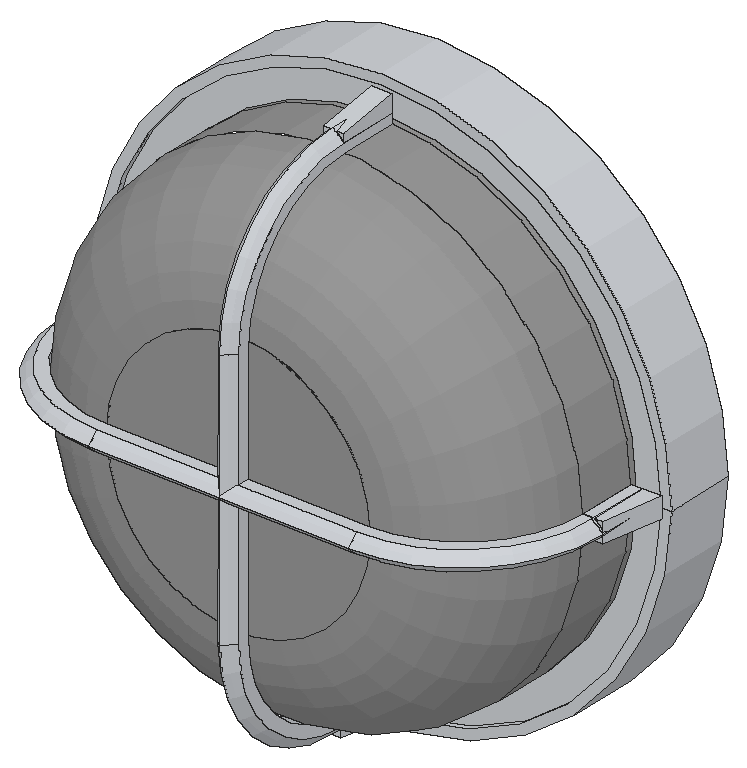
Revit family "O10-S290-X LED 900 AC 830 BL_Vertical Wall", category Lighting Fixtures, Revit 2016
Family settings
  Part Type = Normal
  Round Connector Dimension = Use Diameter
  OmniClass Number = 23.80.70.00
  OmniClass Title = Lighting
  Work Plane-Based = No
  Always vertical = Yes
  Cut with Voids When Loaded = No
  Light Source = Yes
  Shared = No
  Room Calculation Point = No
Parameters
  Wiring Accessories = ""
  Wattage Comments = ""
  Wattage = 12 W
  VoltageMax = 240 V
  built-in parameter 1150110 = 1 (stored number, unit not read)
  Voltage = 220 V
  UpdateDate = "27.04.2018 10:30:07"
  URL UK = "http://glamox.com/uk/products/O10-S290/items/O10213300"
  URL Sweden = "http://glamox.com/se/produkter/O10-S290/items/O10213300"
  URL Russia = "http://glamox.com/ru/products/O10-S290/items/O10213300"
  URL Other = "http://glamox.com/gsx/products/O10-S290/items/O10213300"
  URL Norway = "http://glamox.com/no/produkter/O10-S290/items/O10213300"
  URL Ireland = "http://glamox.com/ie/products/O10-S290/items/O10213300"
  URL Germany = "http://glamox.com/de/products/O10-S290/items/O10213300"
  URL Finland = "http://glamox.com/fi/products/O10-S290/items/O10213300"
  URL Estonia = "http://glamox.com/ee/products/O10-S290/items/O10213300"
  URL Denmark = "http://glamox.com/dk/produkter/O10-S290/items/O10213300"
  URL = ""
  TypeOfEmergency = ""
  TypeOfBallast = ""
  TotalWattage = 12 W
  Total Load = 12 W
  built-in parameter 1114217 = 1 (stored number, unit not read)
  Top Radius = Radius - 32.5 mm  # 112.5 mm
  Tilt Angle = 90.00°
  Termination = "5x2x2,5 PI"
  built-in parameter 1150109 = 1 (stored number, unit not read)
  built-in parameter 1150134 = (empty or 0)
  built-in parameter 1150113 = 1 (stored number, unit not read)
  Specification = "Outdoor product, in Aluminium, for Surface/Wall mounting, impact classification IK10, IP66, light source LED, lumen out 854lm, ballast type AC, with light source type CRI>80, 3000K, with Polycarbonate diffuser."
  Remark = ""
  RatedVoltage = 220 V
  PowerFactor = 98.00%
  Power Factor = 0.98
  Plug Type = ""
  Photometric Web File = "O10-S290-X-LED-900-830.ies"
  Optic = ""
  Number of Poles = 1
  NominalFrequencyRange = 50 Hz
  ModelReference = "O10-S290"
  ModelLabel = "O10-S290-X LED 900 AC 830 BL"
  Maximum TA = 40
  MaintenanceFactor = 0
  MFArtNo = "O10213300"
  LumDiameter = Diameter  # 290 mm
  Load Classification [instance] = Lighting
  Model = ""
  Manufacturer = "Glamox"
  Lumens = 854 lm
  built-in parameter 1150115 = 1 (stored number, unit not read)
  built-in parameter 1150105 = 67.959 (stored number, unit not read)
  LightFixturePlacingType = "WALL"
  LightFixtureMountingType = "SURFACE"
  built-in parameter 1150137 = (empty or 0)
  built-in parameter 1150139 = (empty or 0)
  LampBase = ""
  Lamp Wattage Comments = ""
  built-in parameter 1150112 = 1 (stored number, unit not read)
  built-in parameter 1150114 = 1 (stored number, unit not read)
  Lamp = "LED"
  built-in parameter 1150132 = 2
  built-in parameter 1150102 = (empty or 0)
  built-in parameter 1150138 = (empty or 0)
  built-in parameter 1150107 = 3000 (stored number, unit not read)
  built-in parameter 1150106 = 0.67959 (stored number, unit not read)
  IP_Code = "66"
  IPClass = "66"
  IK_Code = ""
  IFC Classification = "Light Fixture"
  Height = 149 mm
  GlobalTradeItemNumber = "4741145295833"
  Glamox Mounting = "Surface"
  Glamox Family = "O10-S290"
  Glamox Category = "Outdoor"
  FrequencyMax = 60 Hz
  Frequency = 50 Hz
  Expired = "0"
  Emit from Circle Diameter = LumDiameter  # 290 mm
  Emit Shape Visible in Rendering = yes
  built-in parameter 1150104 = 6.6116 (stored number, unit not read)
  ELNo Norway = ""
  ELNo Finland = ""
  EANNo = "4741145295833"
  DurationInBatteryMode = ""
  Dimming Lamp Color Temperature Shift = Incandescent Lamp Curve
  Diameter = 290 mm
  Description = "O10-S290-X LED 900 AC 830 BL"
  Cut Out = ""
  Completion = ""
  Color Filter = 16777215
  Radius = Diameter / 2  # 145 mm
  Body Material and Colour = Default
  built-in parameter 1114218 = 1 (stored number, unit not read)
  built-in parameter 1150133 = 10 (stored number, unit not read)
  Assembly Code = ""
  ArticleNumber = "O10213300"
  Apparent Load = Total Load / Power Factor  # 12.2449 VA
  #Ballast = 1
  # ballast on a MCB16 type C fuse = "176"
  # ballast on a MCB16 type B fuse = "130"
Reference planes
  plane 1 "Light Source Axis (F/B)": y = -154.69
  plane 2: z = 0
  plane 3 "Light Source Axis (L/R)": x = 0
  plane 4 "Light Source Elevation": z = -205.079
  plane 5: x = 0
  plane 6: y = 0.31
Forms (mm)
  Extrusion 1, solid, material "Default" <- "Body Material and Colour", not visible
    sketch origin (-13.045, 0, 0) x (1, 0, 0) y (0, -0.001185, -0.999999)
      loop
        circle (0, 0.31) r 10
    from -1.079 to 0
  Revolve 2, solid
    sketch origin (0, -1.079, 0.001) x (-1, 0, 0) y (0, -0.999999, 0.001185)
      loop
        arc (-66, 139) -> (-107.719, 121.719) -> (-125, 80) r 59
        line (-125, 80) -> (-125, 50) -> (-125, 47.047) -> (-140, 47.047) -> (-140, 50) -> (-145, 50) -> (-145, 15) -> (-125, 15) -> (-125, -1.079) -> (0, -1.079) -> (0, 139) -> (-66, 139)
      axis (0, 139) -> (0, -1.079)
    angle from 0 to 360
  Extrusion 3, solid
    sketch origin (0, -1.079, 0.001) x (-1, 0, 0) y (0, -0.999999, 0.001185)
      loop
        line (-140, 50) -> (-125, 50) -> (-125, 80) -> (-134.828, 80) -> (-140, 50)
    from -5 to 5
  Extrusion 4, solid
    sketch origin (0, -1.079, 0.001) x (1, 0, 0) y (0, 0.999999, -0.001185)
      loop
        line (-140, -50) -> (-134.916, -80) -> (-125, -80) -> (-125, -50) -> (-140, -50)
    from -5 to 5
  Extrusion 5, solid
    sketch origin (0, -1.224, -121.982) x (0, 0.001185, 0.999999) y (0, 0.999999, -0.001185)
      loop
        line (259.65, -50) -> (244.65, -50) -> (244.65, -80) -> (254.745, -80) -> (259.65, -50)
    from -5 to 5
  Sweep 6, solid
    path origin (0, -1.079, 0.001) x (-1, 0, 0) y (0, -0.999999, 0.001185)
      loop
        line (-130, 51.079) -> (-130, 81.079)
        arc (-130, 81.079) -> (-110.962, 127.041) -> (-65, 146.079) r 65
        line (-65, 146.079) -> (0, 146.079) -> (64.958, 146.079)
        arc (64.958, 146.079) -> (111.683, 126.725) -> (131.037, 80) r 66.079
        line (131.037, 80) -> (131.037, 50)
    profile origin (110.962, -128.12, 0.152) x (0.707107, -0.707106, 0.000838) y (0, 0.001185, 0.999999)
      loop
        line (-5.707, 5) -> (-5.707, -5) -> (0, -5)
        arc (0, -5) -> (3.052, -2.976) -> (5.564, -0.31) r 16
        arc (5.564, -0.31) -> (3.133, 2.528) -> (0.33, 5) r 26.787
        line (0.33, 5) -> (-5.707, 5)
  Sweep 7, solid
    path origin (0.31, -1.635, -121.232) x (0, 0.001185, 0.999999) y (0, -0.999999, 0.001185)
      loop
        line (-10.35, 50) -> (-10.35, 80)
        arc (-10.35, 80) -> (8.688, 125.962) -> (54.65, 145) r 65
        line (54.65, 145) -> (119.65, 145) -> (184.608, 145)
        arc (184.608, 145) -> (230.57, 125.962) -> (249.608, 80) r 65
        line (249.608, 80) -> (249.608, 49.588)
    profile origin (0.31, -127.586, -112.395) x (0, -0.707944, -0.706269) y (1, 0, 0)
      loop
        line (-5.707, 5) -> (-5.707, -5) -> (0, -5)
        arc (0, -5) -> (3.052, -2.976) -> (5.564, -0.31) r 16
        arc (5.564, -0.31) -> (3.133, 2.528) -> (0.33, 5) r 26.787
        line (0.33, 5) -> (-5.707, 5)
  Extrusion 8, solid
    sketch origin (0, -0.939, 118.096) x (0, -0.001185, -0.999999) y (0, 0.999999, -0.001185)
      loop
        line (259.65, -50) -> (244.65, -50) -> (244.65, -81.079) -> (254.745, -81.079) -> (259.65, -50)
    from -5 to 5
Lines and regions (mm)
  symbolic lines
    curve 1: circle (0, 0.31, -205.079) r 145 normal (0, 0, -1)
    curve 2: line (0, 0.31, -205.079) -> (102.53, 102.841, -205.079)
    curve 3: line (0, 0.31, -205.079) -> (102.53, -102.22, -205.079)
    curve 4: line (0, 0.31, -205.079) -> (-102.53, -102.22, -205.079)
    curve 5: line (0, 0.31, -205.079) -> (-102.53, 102.841, -205.079)
Dimensions and locks
  aligned and locked: Extrusion 4 to Sweep 6
  aligned and locked: plane 3 "Light Source Axis (L/R)" to plane 5
  aligned and locked: plane 3 "Light Source Axis (L/R)" to imposter light
  aligned and locked: level to plane 2
  aligned and locked: plane 1 "Light Source Axis (F/B)" to imposter light
Connectors
  electrical at (0, 0, 0), driven by "Load Classification", driven by "Voltage", driven by "Apparent Load", driven by "Power Factor"
    settings: on Revolve 2, index 2, voltage 220 V, apparent load 0 VA, apparent load phase1 12.2449 VA, apparent load phase2 0 VA, apparent load phase3 0 VA, power factor 0.98, load classification "Lighting", number of poles 1, system type 31, power factor state 1, is connector primary yes, connector utility no, sub classification motor no, connector description ""
